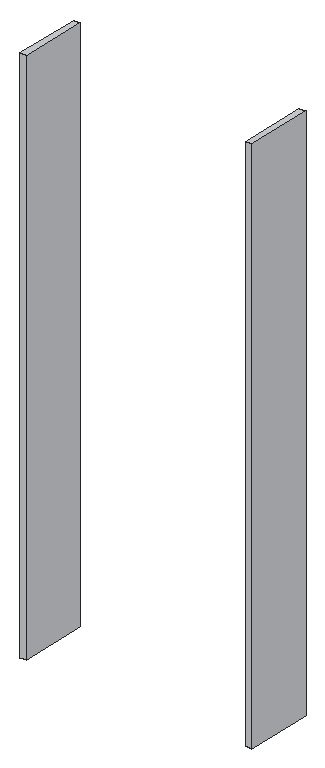
Revit family "dorhole1", category 常规模型, Revit 2025
Family settings
  主体 = 墙
  可将钢筋附着到主体 = 否
  圆形连接件尺寸标注 = 使用直径
  零件类型 = 标准
  总是垂直 = 是
  载入时剪切的空心 = 否
  保持注释方向 = 否
  共享 = 否
  房间计算点 = 否
Parameters (values of type "类型 1")
  默认高程 = 0 mm
Reference planes
  plane 1 "墙": y = 0
  plane 2 "中心(左/右)": x = 125
  plane 3 "后": y = 75
  plane 4: x = -325
  plane 5: x = 575
  plane 6: x = 550
  plane 7: x = -300
  plane 8: z = 2100
Forms (mm)
  Extrusion 1, void
    sketch origin (0, 0, 0) x (1, 0, 0) y (0, 0, 1)
      loop
        line (550, 2100) -> (-300, 2100) -> (-300, 0) -> (550, 0) -> (550, 2100)
    from -198.408 to 250
  Extrusion 2, solid
    sketch origin (0, 0, 0) x (1, 0, 0) y (0, 0, 1)
      loop
        line (575, 2100) -> (550, 2100) -> (550, 0) -> (575, 0) -> (575, 2100)
    from -10 to 250
  Extrusion 3, solid
    sketch origin (0, 0, 0) x (1, 0, 0) y (0, 0, 1)
      loop
        line (-300, 2100) -> (-325, 2100) -> (-325, 0) -> (-300, 0) -> (-300, 2100)
    from -10 to 250
Text (mm)
  text "放置边" at (-1848.837, 1116.779, 0), in view "参照标高"
  text "放置边" at (0, 1409.804, 2854.306), in view "左"
  text "放置边" at (0, 499.811, 2980.732), in view "右"
Dimensions and locks
  locked: plane 3 "后" to host wall
  aligned and locked: plane 1 "墙" to host wall
